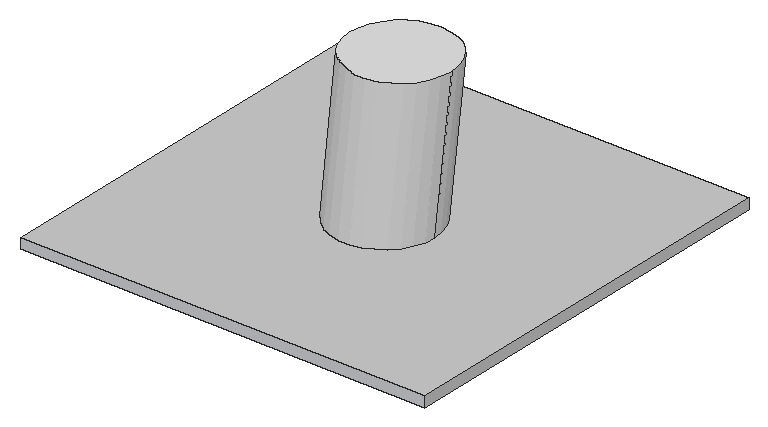
Revit family "GRIFO LAVABO INGO PLUS", category Aparatos sanitarios, Revit 2015
Parameters (values of type "7155000")
  URL = "http://www.griferiasgalindo.com/lavabo/ingo-plus/grifo-de-lavabo-ingo-plus?c=es"
  Teléfono = "(+34) 915 782 575"
  TIPO DE AGUA = ""
  REFERENCIA = "7155000"
  Presión Máxima = ""
  PESO BRUTO = ""
  Modelo = "INGO PLUS"
  Material = LATON CROMADO
  Imagen de tipo = <Ninguno>
  Fabricante = "PRESTO IBÉRICA"
  Default Elevation = 1219.2 mm
  ENTRADA = ""
  Descripción = "Grifo monomando de lavabo. La serie INGO PLUS es un nuevo funcional monomando de dimensiones reducidas que destaca por sus líneas rectas que le diferencian de un simple grifo Tradicional. Su estética robusta es a su vez elegante y limpia haciendo de este grifo un monomando moderno, funcional y proporcionado especialmente diseñado para espacios pequeños."
  Código de montaje = "C1030220"
  Contacto = "info@prestoiberica.com"
  Conexión AF = yes
  Conexión AC = yes
  Comentarios de tipo = "◦Grifo monomando de lavabo\r\n◦Acabado Cromo\r\n◦Disponible sin Desagüe automático\r\n◦Cartucho con discos cerámicos de diámetro 40 mm\r\n◦Tubos de alimentación flexibles 3/8\" y longitud 35 cm."
  CIERRE = ""
  CAUDAL = ""
  Accionamiento = ""
Reference planes
  plane 1 "Centro (Frontal/Posterior)": y = 0
  plane 2: z = 0
  plane 3 "Centro (Izquierda/Derecha)": x = 0
Forms (mm)
  Extrusion 1, solid
    sketch origin (0, 0, 0) x (1, 0, 0) y (0, 1, 0)
      loop
        line (-100, 100) -> (-100, -100) -> (100, -100) -> (100, 100) -> (-100, 100)
    from 0 to -5
  Blend 2, solid, material "LATON CROMADO"
    base sketch origin (0, 0, 86) x (0, -1, 0) y (1, 0, 0)
      loop
        circle (0, 0) r 25
    top sketch origin (0, 0, 86) x (0, -1, 0) y (1, 0, 0)
      loop
        circle (0, 8.142) r 25
    from -86 to -9.551
Lines and regions (mm)
  symbolic lines
    curve 1: line (19, 0, 2.962) -> (-19, 0, 2.962)
    curve 2: line (29.958, 0, 0.898) -> (-29.958, 0, 0.898)
Dimensions and locks
  Extrusion 1 sketch curve to plane 1 "Centro (Frontal/Posterior)" = 100 mm
  aligned and locked: plane 2 to Extrusion 1
  aligned and locked: level to Extrusion 1
Connectors
  piping at (0, -0.026, 0), diameter 19.1
    settings: on import instance, index 1, connector inside diameter 609.6 mm, connector length 0 mm, flow factor 0, pipe flow 0.0 L/s, pressure drop 0.0 Pa, fitting loss kfactor 0, connector angle 0.00°, fixture units 0, engagement length 0 mm, angle of deflection 0.00°, flow configuration 0, flow direction 1, fitting loss method 0, system type 22, joint type 0, gender type 0, connector reference index -1, connector utility 0, adjustable connector no, is connector primary yes, connector description ""
